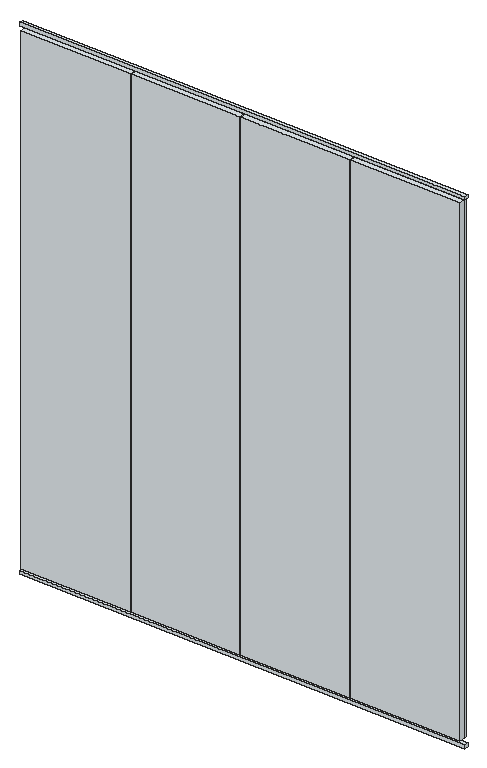
Revit family "Door_BiFold_Dunbarton_4-Panel-Mirror", category Doors, host Wall, Revit 2026
Family settings
  Host = Wall
  Classification Number = 23.30.10.17.17
  Always vertical = Yes
  Cut with Voids When Loaded = No
  Shared = No
  Room Calculation Point = No
Parameters (values of type "Type as Specified")
  panelwidth [instance] = if(1 = 1, Unit Width / 4, 0' 0")  # 1' - 5 3/4"
  panel2b [instance] = 1 = 1  # yes
  panel2a [instance] = 1 = 0  # no
  panel1b [instance] = 1 = 0  # no
  panel1a [instance] = 1 = 1  # yes
  foldwidth [instance] = (cos([2D Swing Angle]) * panelwidth) * 2 + (0' 1 1/4" * sin([2D Swing Angle])) * 2  # 2' - 2.87006"
  Water Penetration = "as Specified"
  Warranty Duration (Years) = 0
  Unit Width = 5' - 11"
  Unit Height [instance] = Opening Height - (0' 1 1/8" + 0' 0 3/4")  # 6' - 6 1/8"
  URL = "https://dunbarton.com/"
  Thickness = 0' - 0"  # constant formula
  Structural Test Pressure = "as Specified"
  Specification = "http://www.arcat.com/sd/clients95/redifram.html?coid=32085"
  Send Message = ""
  Sales Information = "https://dunbarton.com/distributors"
  RO Spacing Sides = 0' - 0"  # constant formula
  Rough Width = 0' - 0"  # constant formula
  Rough Height = 0' - 0"  # constant formula
  RO Spacing Top = 0' - 0"  # constant formula
  R-Value = 0
  Product Properties = "https://dunbarton.com/sample-page"
  Product Data = "http://www.arcat.com/arcatcos/cos9532/arc32085.html"
  Panel_Frameless = not(Panel_Framed)  # no
  Panel_Framed = yes
  Opening Width [instance] = 6' - 0"
  Opening Height = 6' - 8"
  Offset from Wall CL Notes [instance] = "Use Positive or Negative values to determine location."  # constant formula
  Offset from Wall CL [instance] = 0' - 0"
  Model = "as Specified"
  Mirror Material [instance] = Mirror
  Manufacturer Website = "https://dunbarton.com/"
  Manufacturer Phone - Toll Free = "800-633-7553"
  Manufacturer Phone = "334-794-0661"
  Manufacturer Fax = "334-793-7022"
  Manufacturer Address = "1101 Technology Dr.; Dothan;  AL 36303"
  Manufacturer = "Dunbarton Corporation"
  Maintenance Schedule (Months) = 0
  Keynote = "08 11 10"
  Installation-Fabrication = "https://dunbarton.com/resources/installation-videos"
  Installation Phase = ""
  Impact Resistance = "as Specified"
  Height [instance] = Unit Height  # 6' - 6 1/8"
  Green Building-LEED = "http://www.arcat.com/green/clients95/leed_data_32085.html"
  Function = Interior
  Frame Thickness = 0' - 0 5/8"
  Frame Finish [instance] = Metal - Steel - Dunbarton - Bright White Enamel
  Fold Width [instance] = (cos([3D Panel Swing Angle]) * panelwidth) * 2 + (0' 1 1/4" * sin([3D Panel Swing Angle])) * 2  # 2' - 11 1/2"
  Fire Rating = "as Specified"
  Expected Lifespan (Years) = 0
  Drawn By = "Sumex Design, Inc. / Robert S. Weygant, CSI, CDT, SCIP"
  Door Thickness = 0' - 1 1/4"
  Door Panel Type = "as Specified"
  Door Finish [instance] = Metal - Steel - Dunbarton - Bright White Enamel
  Description = "Dunbarton Four-Panel Bifold Mirror Door - Type as Specified"
  Wall Closure = By host
  Width = Unit Width  # 5' - 11"
  Copyright = "©Arcat Inc."
  Construction Details = ""
  Assembly Code = "C1020100"
  Air Infiltration = "as Specified"
  3D Panel Swing Angle [instance] = 0.00°
  2D Swing Angle [instance] = 45.00°
Reference planes (in)
  plane 1 "Center (Front/Back)": y = 1.6426
  plane 2: z = 0
  plane 3 "Center (Left/Right)": x = 2
  plane 4 "Left": x = -34
  plane 5 "Right": x = 38
  plane 6 "Bottom": z = 0
  plane 7 "Top": z = 80
  plane 8 "Center - Elevation": z = 40
  plane 9: y = -1.3574
  plane 10: y = 4.6426
  plane 11: x = 2
  plane 12: x = -33.5
  plane 13: x = 37.5
  plane 14: x = 2
  plane 15: x = -6.62994
  plane 16: x = 10.62994
Forms (in)
  Extrusion 1, void
    sketch origin (0, 1.6426, 0) x (1, 0, 0) y (0, 0, 1)
      loop
        line (5, 0) -> (5, 2) -> (-1, 2) -> (-1, 0) -> (5, 0)
    from 0 <- "Offset from Wall CL" to 12.01562
Lines and regions (in)
  Opening 1
    outline origin (-60, -1.3574, 0) x (1, 0, 0) y (0, 0, 1)
      loop
        line (26, 80) -> (26, 0) -> (98, 0) -> (98, 80) -> (26, 80)
Text (in)
  text "EXTERIOR" at (-58.6888, 13.80127, 0), in view "Plan View"
  text "INTERIOR" at (-58.6888, -8.43329, 0), in view "Plan View"
  text "Exterior" at (0, 43.65631, 123.19604), in view "Left"
  text "Exterior" at (0, 18.29385, 125.04747), in view "Right"
Dimensions and locks (in)
  equal spacing: plane 4 "Left", plane 3 "Center (Left/Right)", plane 5 "Right"
  equal spacing: plane 7 "Top", plane 8 "Center - Elevation", plane 6 "Bottom"
  "Opening Width": plane 4 "Left" to plane 5 "Right"
  "Opening Height": plane 7 "Top" to level
  equal spacing: plane 12, plane 3 "Center (Left/Right)", plane 13
  "Unit Width": plane 12 to plane 13
  "Fold Width": plane 12 to plane 11
  locked: nested 3 to Extrusion 1 at 0.5
  "Fold Width": plane 14 to plane 13
  "foldwidth": plane 12 to plane 15
  "foldwidth": plane 16 to plane 13
  aligned and locked: plane 7 "Top" to Opening 1 sketch curve
  aligned and locked: plane 5 "Right" to Opening 1 sketch curve
  aligned and locked: plane 4 "Left" to Opening 1 sketch curve
  aligned and locked: level to plane 2
  aligned and locked: Opening 1 sketch curve to plane 2
  aligned and locked: plane 6 "Bottom" to plane 2
  aligned and locked: plane 1 "Center (Front/Back)" to host wall
  aligned and locked: plane 9 to host wall
  aligned and locked: plane 10 to host wall
  aligned and locked: plane 12 to nested 1
  aligned and locked: plane 11 to nested 2
  aligned and locked: nested 1 to Extrusion 1
  aligned and locked: Extrusion 1 to nested 2
  aligned: nested 3 to Extrusion 1
  aligned and locked: plane 3 "Center (Left/Right)" to nested 3
  aligned and locked: plane 13 to nested 4
  aligned and locked: nested 5 to plane 14
  aligned and locked: plane 12 to nested 6
  aligned and locked: nested 6 to Extrusion 1
  aligned and locked: plane 15 to nested 7
  aligned and locked: Extrusion 1 to nested 7
  aligned and locked: plane 16 to nested 9
  aligned and locked: Extrusion 1 to nested 9
  aligned and locked: nested 8 to Extrusion 1
  aligned and locked: plane 13 to nested 8
Automatic sketch dimensions
  plane 3 "Center (Left/Right)" to Extrusion 1 sketch curve = 0' - 3"
  Extrusion 1 sketch curve to level = 0' - 0"
  Extrusion 1 sketch curve to plane 3 "Center (Left/Right)" = 0' - 3"
  level to Extrusion 1 sketch curve = 0' - 2"
Nested families (in)
  nested 1: "Door_Panel_Dunbarton_Mirror" at (-33.5, 1.6426, 0), Rotate <- "3D Panel Swing Angle", Hinge A <- "panel1a", Hinge B <- "panel1b", Door Finish <- "Door Finish", Unit Width <- "panelwidth", Unit Height <- "Opening Height", Mirror Material <- "Mirror Material", Framed <- "Panel_Framed", Frameless <- "Panel_Frameless", type "Door_Panel_Dunbarton_Mirror"
    with spacing 0' - 4.83333", lowerinsertheight 2' - 5 7/8", insertwidth 0' - 11 3/4", Unit Width 1' - 5 3/4", Unit Height 6' - 8", Top Gap 0' - 0 1/4", Slide B no, Slide A no, Rotate 0.00°, Mirror Material Mirror, Hinge B no, Hinge A yes, Frameless no, Framed yes, Door Finish Metal - Steel - Dunbarton - Bright White Enamel, Bottom Gap 0' - 0 1/2"
  nested 2: "Door_Panel_Dunbarton_Mirror" at (2, 1.6426, 0) x (-1, 0, 0) z (0, 0, 1), Rotate <- "3D Panel Swing Angle", Hinge A <- "panel2a", Hinge B <- "panel2b", Door Finish <- "Door Finish", Unit Width <- "panelwidth", Unit Height <- "Opening Height", Mirror Material <- "Mirror Material", Framed <- "Panel_Framed", Frameless <- "Panel_Frameless", type "Door_Panel_Dunbarton_Mirror"
    with spacing 0' - 4.83333", lowerinsertheight 2' - 5 7/8", insertwidth 0' - 11 3/4", Unit Width 1' - 5 3/4", Unit Height 6' - 8", Top Gap 0' - 0 1/4", Slide B no, Slide A no, Rotate 0.00°, Mirror Material Mirror, Hinge B yes, Hinge A no, Frameless no, Framed yes, Door Finish Metal - Steel - Dunbarton - Bright White Enamel, Bottom Gap 0' - 0 1/2"
  nested 3: "Track" at (2, 1.1426, 0), finish <- "Frame Finish", Width <- "Opening Width", Height <- "Opening Height", type "Track"
    with slimtrim finish none, finish Metal - Steel - Dunbarton - Bright White Enamel, Width 6' - 0", Slimtrim no, Height 6' - 8", Full Track yes, Bottomless no
  nested 4: "Door_Panel_Dunbarton_Mirror" at (37.5, 1.6426, 0) x (-1, 0, 0) z (0, 0, 1), Rotate <- "3D Panel Swing Angle", Hinge A <- "panel1a", Hinge B <- "panel1b", Door Finish <- "Door Finish", Unit Width <- "panelwidth", Unit Height <- "Opening Height", Mirror Material <- "Mirror Material", Framed <- "Panel_Framed", Frameless <- "Panel_Frameless", type "Door_Panel_Dunbarton_Mirror"
    with spacing 0' - 4.83333", lowerinsertheight 2' - 5 7/8", insertwidth 0' - 11 3/4", Unit Width 1' - 5 3/4", Unit Height 6' - 8", Top Gap 0' - 0 1/4", Slide B no, Slide A no, Rotate 0.00°, Mirror Material Mirror, Hinge B no, Hinge A yes, Frameless no, Framed yes, Door Finish Metal - Steel - Dunbarton - Bright White Enamel, Bottom Gap 0' - 0 1/2"
  nested 5: "Door_Panel_Dunbarton_Mirror" at (2, 1.6426, 0), Rotate <- "3D Panel Swing Angle", Hinge A <- "panel2a", Hinge B <- "panel2b", Door Finish <- "Door Finish", Unit Width <- "panelwidth", Unit Height <- "Opening Height", Mirror Material <- "Mirror Material", Framed <- "Panel_Framed", Frameless <- "Panel_Frameless", type "Door_Panel_Dunbarton_Mirror"
    with spacing 0' - 4.83333", lowerinsertheight 2' - 5 7/8", insertwidth 0' - 11 3/4", Unit Width 1' - 5 3/4", Unit Height 6' - 8", Top Gap 0' - 0 1/4", Slide B no, Slide A no, Rotate 0.00°, Mirror Material Mirror, Hinge B yes, Hinge A no, Frameless no, Framed yes, Door Finish Metal - Steel - Dunbarton - Bright White Enamel, Bottom Gap 0' - 0 1/2"
  nested 6: "Folding2D" at (-33.5, 1.6426, 0), Rotate <- "2D Swing Angle", Unit Width <- "panelwidth", type "Folding2D"
    with thickness 0' - 1 1/4", spacing 0' - 4.83333", lowerinsertheight 2' - 5 7/8", insertwidth 0' - 11 3/4", Unit Width 1' - 5 3/4", Unit Height 6' - 8", Top Gap 0' - 0 1/4", Rotate 45.00°, Hinge B yes, Hinge A yes, Door Finish none, Bottom Gap 0' - 0 1/2"
  nested 7: "Folding2D" at (-6.62994, 1.6426, 0) x (-1, 0, 0) z (0, 0, 1), Rotate <- "2D Swing Angle", Unit Width <- "panelwidth", type "Folding2D"
    with thickness 0' - 1 1/4", spacing 0' - 4.83333", lowerinsertheight 2' - 5 7/8", insertwidth 0' - 11 3/4", Unit Width 1' - 5 3/4", Unit Height 6' - 8", Top Gap 0' - 0 1/4", Rotate 45.00°, Hinge B yes, Hinge A yes, Door Finish none, Bottom Gap 0' - 0 1/2"
  nested 8: "Folding2D" at (37.5, 1.6426, 0) x (-1, 0, 0) z (0, 0, 1), Rotate <- "2D Swing Angle", Unit Width <- "panelwidth", type "Folding2D"
    with thickness 0' - 1 1/4", spacing 0' - 4.83333", lowerinsertheight 2' - 5 7/8", insertwidth 0' - 11 3/4", Unit Width 1' - 5 3/4", Unit Height 6' - 8", Top Gap 0' - 0 1/4", Rotate 45.00°, Hinge B yes, Hinge A yes, Door Finish none, Bottom Gap 0' - 0 1/2"
  nested 9: "Folding2D" at (10.62994, 1.6426, 0), Rotate <- "2D Swing Angle", Unit Width <- "panelwidth", type "Folding2D"
    with thickness 0' - 1 1/4", spacing 0' - 4.83333", lowerinsertheight 2' - 5 7/8", insertwidth 0' - 11 3/4", Unit Width 1' - 5 3/4", Unit Height 6' - 8", Top Gap 0' - 0 1/4", Rotate 45.00°, Hinge B yes, Hinge A yes, Door Finish none, Bottom Gap 0' - 0 1/2"
Definition of nested family "Door_Panel_Dunbarton_Mirror"
  Parameters
    spacing [instance] = (Unit Height - (0' 0 5/8" * 2) - Top Gap - Bottom Gap - 0' 8 1/4" - 0' 7 1/4" - 4' 0") / 3  # 0' - 4.83333"
    lowerinsertheight [instance] = 2' - 5 7/8"  # constant formula
    insertwidth [instance] = Unit Width - (0' 3" * 2)  # 1' - 0"
    Warranty Duration (Years) = 0
    Unit Width [instance] = 1' - 6"
    Unit Height [instance] = 6' - 8"
    Unit Depth = 0' - 1 1/4"
    URL = ""
    Top Gap [instance] = 0' - 0 1/4"
    Specification = ""
    SpecWizard = ""
    Slide B [instance] = yes
    Slide A [instance] = yes
    Send Message = ""
    Sales Information = ""
    Rotate [instance] = 0.00°
    Revision = "R1_2016-05"
    Product Properties = "http://dunbarton.com/sample-page/slimfold"
    Product Data = ""
    Model = "As Specified"
    Mirror Material [instance] = none
    Manufacturer Website = ""
    Manufacturer Phone - Toll Free = ""
    Manufacturer Phone = ""
    Manufacturer Fax = ""
    Manufacturer Address = ""
    Manufacturer = "Dunbarton"
    Maintenance Schedule (Months) = 0
    Keynote = ""
    Installation-Fabrication = ""
    Installation Phase = ""
    Hinge B [instance] = yes
    Hinge A [instance] = yes
    Green Building-LEED = ""
    Frameless [instance] = yes
    Framed [instance] = yes
    Expected Lifespan (Years) = 0
    Drawn By = "Sumex Design, Inc. / Robert S. Weygant, CSI, CDT, SCIP"
    Door Finish [instance] = none
    Description = "Dunbarton Flush Steel BiFold Panel"
    Default Elevation = 0' - 0"  # constant formula
    Copyright = "©Arcat Inc."
    Construction Details = ""
    Bottom Gap [instance] = 0' - 0 1/2"
    Assembly Code = ""
  Reference planes (in)
    plane 1 "Center (Front/Back)": y = 0
    plane 2 "Bottom": z = 0
    plane 3 "Center (Left/Right)": x = 0
    plane 4 "Top": z = 80
    plane 5: z = 79.375
    plane 6: z = 0.625
    plane 7: z = 1.125
    plane 8: z = 79.125
    plane 9: z = 40.125
  Forms (in)
    Extrusion 1, solid, material <- "Door Finish"
      sketch origin (0, 0, 0) x (1, 0, 0) y (0, 0, 1)
        loop
          line (0, 79.125) -> (0, 1.125) -> (18, 1.125) -> (18, 79.125) -> (0, 79.125)
      from 0.25 to 1.25
    Extrusion 2, solid, material <- "Door Finish", visible <- "Framed"
      sketch origin (0, 0, 0) x (1, 0, 0) y (0, 0, 1)
        loop
          line (0, 79.125) -> (0, 1.125) -> (18, 1.125) -> (18, 79.125) -> (0, 79.125)
        loop
          line (0.25, 1.375) -> (17.75, 1.375) -> (17.75, 78.875) -> (0.25, 78.875) -> (0.25, 1.375)
      from 0.25 to 0
    Extrusion 3, solid, material <- "Mirror Material", visible <- "Framed"
      sketch origin (0, 0, 0) x (1, 0, 0) y (0, 0, 1)
        loop
          line (0.25, 1.375) -> (17.75, 1.375) -> (17.75, 78.875) -> (0.25, 78.875) -> (0.25, 1.375)
      from 0.25 to 0.125
    Extrusion 4, solid, material <- "Door Finish", visible <- "Frameless"
      sketch origin (0, 0, 0) x (1, 0, 0) y (0, 0, 1)
        loop
          line (0, 79.125) -> (0, 1.125) -> (18, 1.125) -> (18, 79.125) -> (0, 79.125)
      from 0.25 to 0
  Lines and regions (in)
    reference lines
      curve 1: line (0, 0, 0) -> (18, 0, 0)
    model lines, visible <- "Hinge A"
      curve 2: line (18, -1.25, 79.125) -> (0, -1.25, 40.125)
      curve 3: line (0, -1.25, 40.125) -> (18, -1.25, 1.125)
      curve 4: line (18, 0, 79.125) -> (0, 0, 40.125)
      curve 5: line (0, 0, 40.125) -> (18, 0, 1.125)
    model lines, visible <- "Hinge B"
      curve 6: line (0, -1.25, 79.125) -> (18, -1.25, 40.125)
      curve 7: line (18, -1.25, 40.125) -> (0, -1.25, 1.125)
      curve 8: line (0, 0, 79.125) -> (18, 0, 40.125)
      curve 9: line (18, 0, 40.125) -> (0, 0, 1.125)
  Dimensions and locks (in)
    "Unit Height": plane 4 "Top" to level
    locked: plane 4 "Top" to plane 5 at 0.625
    "Top Gap": plane 5 to plane 8
    locked: plane 6 to level at 0.625
    "Bottom Gap": plane 7 to plane 6
    "Unit Width": curve 1 to curve 1
    equal spacing: plane 8, plane 9, plane 7
    locked: plane 8 to Extrusion 2 sketch curve at 0.25
    locked: plane 8 to Extrusion 3 sketch curve at 0.25
    "Rotate": angle plane 1 "Center (Front/Back)" to curve 1
    aligned and locked: plane 1 "Center (Front/Back)" to curve 1
    aligned and locked: plane 3 "Center (Left/Right)" to curve 1
    aligned and locked: Extrusion 1 sketch curve to curve 1
    aligned and locked: curve 1 to Extrusion 1 sketch curve
    aligned and locked: Extrusion 1 sketch curve to plane 8
    aligned and locked: plane 7 to Extrusion 1 sketch curve
    aligned and locked: plane 9 to curve 3
    aligned and locked: plane 9 to curve 5
    aligned and locked: plane 9 to curve 7
    aligned and locked: plane 9 to curve 8
    aligned and locked: Extrusion 2 sketch curve to plane 8
    aligned and locked: Extrusion 4 sketch curve to plane 8
    aligned and locked: plane 3 "Center (Left/Right)" to Extrusion 4 sketch curve
    aligned and locked: Extrusion 4 sketch curve to curve 1
  Automatic sketch dimensions
    Extrusion 1 to curve 2 = 0' - 0"
    curve 6 to Extrusion 1 = 0' - 0"  (x3)
    Extrusion 1 to curve 7 = 0' - 0"
    curve 3 to Extrusion 1 = 0' - 0"  (x2)
    curve 2 to Extrusion 1 = 0' - 0"  (x2)
    curve 7 to Extrusion 1 = 0' - 0"
    Extrusion 2 sketch curve to curve 1 = 0' - 0"  (x2)
    curve 1 to Extrusion 2 sketch curve = 0' - 1 1/8"
    curve 1 to Extrusion 2 sketch curve = 0' - 0 1/4"
    Extrusion 2 sketch curve to curve 1 = 0' - 0 1/4"
    curve 1 to Extrusion 2 sketch curve = 0' - 1 3/8"
    curve 1 to Extrusion 3 sketch curve = 0' - 0 1/4"
    Extrusion 3 sketch curve to curve 1 = 0' - 0 1/4"
    curve 1 to Extrusion 3 sketch curve = 0' - 1 3/8"
    curve 4 to Extrusion 2 = 0' - 0"  (x3)
    curve 8 to Extrusion 2 = 0' - 0"  (x2)
    curve 9 to Extrusion 2 = 0' - 0"  (x2)
    Extrusion 2 to curve 8 = 0' - 0"
    Extrusion 2 to curve 5 = 0' - 0"
    curve 5 to Extrusion 2 = 0' - 0"
    curve 1 to Extrusion 4 sketch curve = 0' - 1 1/8"
Definition of nested family "Track"
  Parameters
    slimtrim finish [instance] = none
    finish [instance] = none
    Width [instance] = 4' - 4"
    Slimtrim [instance] = yes
    Height [instance] = 6' - 9.49654"
    Full Track [instance] = yes
    Default Elevation = 4' - 0"
    Bottomless [instance] = yes
    Assembly Code = ""
  Reference planes (in)
    plane 1 "Center (Front/Back)": y = 0
    plane 2: z = 0
    plane 3 "Center (Left/Right)": x = 0
    plane 4: x = -26
    plane 5: x = 26
    plane 6: z = 81.49654
  Forms (in)
    Extrusion 1, solid, material <- "finish", visible <- "Full Track"
      sketch origin (0, 0, 0) x (0, 1, 0) y (0, 0, 1)
        loop
          line (0.3125, 0) -> (0.3125, 0.5) -> (-0.3125, 0.5) -> (-0.3125, 0) -> (0.3125, 0)
      from -26 to 26
    Extrusion 2, solid, material <- "finish"
      sketch origin (0, 0, 0) x (0, 1, 0) y (0, 0, 1)
        loop
          line (-0.3125, 81.49654) -> (-0.3125, 80.99654) -> (0.3125, 80.99654) -> (0.3125, 81.49654) -> (-0.3125, 81.49654)
      from -26 to 26
    Extrusion 3, solid, material <- "finish", visible <- "Bottomless"
      sketch origin (-26, 9.0261, 48) x (0, 1, 0) y (0, 0, 1)
        loop
          line (-9.4011, -48) -> (-8.6511, -48) -> (-8.6511, -47.375) -> (-9.4011, -47.375) -> (-9.4011, -48)
      from 0 to 8
    Extrusion 4, solid, material <- "finish", visible <- "Bottomless"
      sketch origin (26, 9.0261, 48) x (0, 1, 0) y (0, 0, 1)
        loop
          line (-9.4011, -48) -> (-8.6511, -48) -> (-8.6511, -47.375) -> (-9.4011, -47.375) -> (-9.4011, -48)
      from 0 to -8
    Extrusion 5, solid, material <- "slimtrim finish", visible <- "Slimtrim"
      sketch origin (0, 0, 0) x (1, 0, 0) y (0, 1, 0)
        loop
          line (-26, 0.5) -> (-23.75, 0.5) -> (-23.75, 0.75) -> (-26, 0.75) -> (-26, 0.5)
        loop
          line (26, 0.5) -> (26, 0.75) -> (23.75, 0.75) -> (23.75, 0.5) -> (26, 0.5)
      from 0 to 81.49654
  Dimensions and locks (in)
    equal spacing: plane 4, plane 3 "Center (Left/Right)", plane 5
    "Width": plane 4 to plane 5
    "Height": plane 6 to plane 2
    locked: plane 6 to Extrusion 2 sketch curve at 0.5
    locked: plane 4 to Extrusion 5 sketch curve at 2.25
    locked: Extrusion 5 sketch curve to plane 5 at 2.25
    aligned and locked: plane 2 to level
    aligned and locked: plane 5 to Extrusion 1
    aligned and locked: Extrusion 1 to plane 4
    aligned and locked: plane 5 to Extrusion 2
    aligned and locked: Extrusion 2 to plane 4
    aligned and locked: plane 4 to Extrusion 5 sketch curve
    aligned and locked: plane 5 to Extrusion 5 sketch curve
    aligned and locked: plane 6 to Extrusion 5
  Automatic sketch dimensions
    Extrusion 1 sketch curve to level = 0' - 0"
    plane 1 "Center (Front/Back)" to Extrusion 1 sketch curve = 0' - 0 5/16"
    Extrusion 1 sketch curve to plane 1 "Center (Front/Back)" = 0' - 0 5/16"
    Extrusion 1 sketch curve to Extrusion 1 sketch curve = 0' - 0 1/2"
    Extrusion 2 sketch curve to plane 6 = 0' - 0"
    plane 1 "Center (Front/Back)" to Extrusion 2 sketch curve = 0' - 0 5/16"
    Extrusion 2 sketch curve to plane 1 "Center (Front/Back)" = 0' - 0 5/16"
    Extrusion 3 sketch curve to level = 0' - 0"
    plane 1 "Center (Front/Back)" to Extrusion 3 sketch curve = 0' - 0 3/8"
    Extrusion 3 sketch curve to plane 1 "Center (Front/Back)" = 0' - 0 3/8"
    level to Extrusion 3 sketch curve = 0' - 0 5/8"
    Extrusion 4 sketch curve to level = 0' - 0"
    plane 1 "Center (Front/Back)" to Extrusion 4 sketch curve = 0' - 0 3/8"
    Extrusion 4 sketch curve to plane 1 "Center (Front/Back)" = 0' - 0 3/8"
    level to Extrusion 4 sketch curve = 0' - 0 5/8"
    Extrusion 5 sketch curve to plane 1 "Center (Front/Back)" = 0' - 0 1/2"  (x2)
    Extrusion 5 sketch curve to Extrusion 5 sketch curve = 0' - 0 1/4"  (x2)
Definition of nested family "Folding2D"
  Parameters
    thickness [instance] = 0' - 1"
    spacing [instance] = (Unit Height - (0' 0 5/8" * 2) - Top Gap - Bottom Gap - 0' 8 1/4" - 0' 7 1/4" - 4' 0") / 3  # 0' - 4.83333"
    lowerinsertheight [instance] = 2' - 5 7/8"  # constant formula
    insertwidth [instance] = Unit Width - (0' 3" * 2)  # 1' - 0"
    Warranty Duration (Years) = 0
    Unit Width [instance] = 1' - 6"
    Unit Height [instance] = 6' - 8"
    Unit Depth = 0' - 1"
    URL = ""
    Top Gap [instance] = 0' - 0 1/4"
    Specification = ""
    SpecWizard = ""
    Send Message = ""
    Sales Information = ""
    Rotate [instance] = 0.00°
    Revision = "R1_2016-05"
    Product Properties = "http://dunbarton.com/sample-page/slimfold"
    Product Data = ""
    Model = "As Specified"
    Manufacturer Website = ""
    Manufacturer Phone - Toll Free = ""
    Manufacturer Phone = ""
    Manufacturer Fax = ""
    Manufacturer Address = ""
    Manufacturer = "Dunbarton"
    Maintenance Schedule (Months) = 0
    Keynote = ""
    Installation-Fabrication = ""
    Installation Phase = ""
    Hinge B [instance] = yes
    Hinge A [instance] = yes
    Green Building-LEED = ""
    Expected Lifespan (Years) = 0
    Drawn By = "Sumex Design, Inc. / Robert S. Weygant, CSI, CDT, SCIP"
    Door Finish [instance] = none
    Description = "Dunbarton Flush Steel BiFold Panel"
    Default Elevation = 0' - 0"  # constant formula
    Copyright = "©Arcat Inc."
    Construction Details = ""
    Bottom Gap [instance] = 0' - 0 1/2"
    Assembly Code = ""
  Reference planes (in)
    plane 1 "Center (Front/Back)": y = 0
    plane 2 "Bottom": z = 0
    plane 3 "Center (Left/Right)": x = 0
    plane 4 "Top": z = 80
    plane 5: z = 79.375
    plane 6: z = 0.625
    plane 7: z = 1.125
    plane 8: z = 79.125
    plane 9: z = 40.125
    plane 10: x = 9
  Lines and regions (in)
    reference lines
      curve 1: line (0, 0, 0) -> (18, 0, 0)
    model lines
      curve 2: line (0, 0, 0) -> (0, -1, 0)
      curve 3: line (0, -1, 0) -> (18, -1, 0)
      curve 4: line (18, -1, 0) -> (18, 0, 0)
      curve 5: line (18, 0, 0) -> (0, 0, 0)
  Dimensions and locks (in)
    "Unit Height": plane 4 "Top" to level
    locked: plane 4 "Top" to plane 5 at 0.625
    "Top Gap": plane 5 to plane 8
    locked: plane 6 to level at 0.625
    "Bottom Gap": plane 7 to plane 6
    "Unit Width": curve 1 to curve 1
    equal spacing: plane 8, plane 9, plane 7
    "thickness": curve 3 to curve 1
    "Rotate": angle plane 1 "Center (Front/Back)" to curve 1
    aligned and locked: plane 1 "Center (Front/Back)" to curve 1
    aligned and locked: plane 3 "Center (Left/Right)" to curve 1
    aligned and locked: curve 4 to curve 1
    aligned and locked: curve 2 to curve 1
  Automatic sketch dimensions
    curve 1 to curve 4 = 0' - 0"
